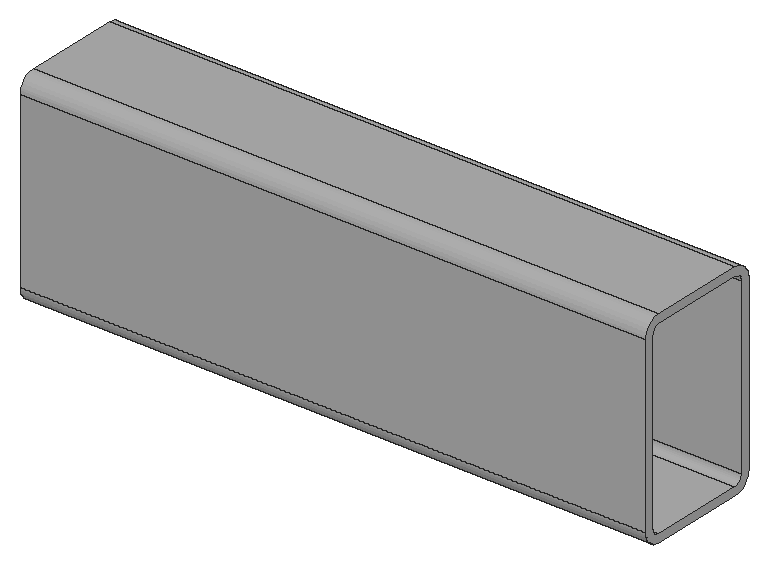
Revit family "Steel Framing Rectangular and Square Hollow Sections", category Structural Framing, Revit 2015
Parameters (values of type "RHSR400x250x16")
  W = 1.6233
  Structural Material [instance] = Steel
  Assembly Code = ""
  Angle [instance] = 0.00°
  Ht = 400 mm
  Length [instance] = 1500 mm
  Shape = "Rectangular"
  b = 250 mm
  tr = 2 * t  # 32 mm
  t = 16 mm
  A = 0.0211 m²
Reference planes
  plane 1 "Center (Front/Back)": y = 0
  plane 2: z = 0
  plane 3 "Center (Left/Right)": x = 4.61
  plane 4 "Member Left": x = -604.99
  plane 5 "Member Right": x = 614.21
  plane 6: y = 125
  plane 7: y = -125
  plane 8 "Top": z = 200
  plane 9: z = -200
  plane 10 "Left": x = -757.39
  plane 11 "Right": x = 742.61
Forms (mm)
  Sweep 1, solid, material "Steel" <- "Structural Material", detail levels fine
    path origin (0, 0, 0) x (1, 0, 0) y (0, 1, 0)
      loop
        line (614.21, 0) -> (-604.99, 0)
    profile "M_Hollow-Structural-Section-Profile-Fine : M_Hollow-Structural-Section-Profile-Fine" origin (4.61, 0, 0) x (0, -1, 0) y (0, 0, 1)
      loop
        arc (-93, 184) -> (-104.314, 179.314) -> (-109, 168) r 16
        line (-109, 168) -> (-109, -168)
        arc (-109, -168) -> (-104.314, -179.314) -> (-93, -184) r 16
        line (-93, -184) -> (93, -184)
        arc (93, -184) -> (104.314, -179.314) -> (109, -168) r 16
        line (109, -168) -> (109, 168)
        arc (109, 168) -> (104.314, 179.314) -> (93, 184) r 16
        line (93, 184) -> (-93, 184)
      loop
        arc (-125, -168) -> (-115.627, -190.627) -> (-93, -200) r 32
        line (-93, -200) -> (93, -200)
        arc (93, -200) -> (115.627, -190.627) -> (125, -168) r 32
        line (125, -168) -> (125, 168)
        arc (125, 168) -> (115.627, 190.627) -> (93, 200) r 32
        line (93, 200) -> (-93, 200)
        arc (-93, 200) -> (-115.627, 190.627) -> (-125, 168) r 32
        line (-125, 168) -> (-125, -168)
  Sweep 2, solid, material "Steel" <- "Structural Material", detail levels medium
    path origin (0, 0, 0) x (1, 0, 0) y (0, 1, 0)
      loop
        line (614.21, 0) -> (-604.99, 0)
    profile "M_Hollow-Structural-Section-Profile-Medium : M_Hollow-Structural-Section-Profile-Medium" origin (4.61, 0, 0) x (0, -1, 0) y (0, 0, 1)
      loop
        line (-109, 184) -> (-109, -184) -> (109, -184) -> (109, 184) -> (-109, 184)
      loop
        line (-125, -200) -> (125, -200) -> (125, 200) -> (-125, 200) -> (-125, -200)
Lines and regions (mm)
  symbolic lines, style "Hidden Faces", detail levels medium+fine
    curve 1: line (614.21, -109, 0) -> (-604.99, -109, 0)
    curve 2: line (614.21, 109, 0) -> (-604.99, 109, 0)
    curve 3: line (-604.99, 0, 184) -> (614.21, 0, 184)
    curve 4: line (-604.99, 0, -184) -> (614.21, 0, -184)
  reference lines
    curve 5: line (4.61, 0, 0) -> (4.61, 0, 10)
  symbolic lines, style "Stick Symbols", detail levels coarse
    curve 6: line (4.61, -125, 200) -> (4.61, -125, -200)
    curve 7: line (4.61, -125, -200) -> (4.61, 125, -200)
    curve 8: line (4.61, 125, -200) -> (4.61, 125, 200)
    curve 9: line (4.61, 125, 200) -> (4.61, -125, 200)
Dimensions and locks
  "b": plane 6 to plane 7
  "Ht": plane 9 to plane 8 "Top"
  equal spacing: plane 9, plane 2, plane 8 "Top"
  equal spacing: plane 6, plane 1 "Center (Front/Back)", plane 7
  "t": plane 6 to curve 2
  "t": curve 1 to plane 7
  "t": plane 8 "Top" to curve 3
  "t": curve 4 to plane 9
  "Length": plane 10 "Left" to plane 11 "Right"
  "Angle": angle plane 1 "Center (Front/Back)" to curve 5
  aligned and locked: Sweep 1 sketch curve to plane 1 "Center (Front/Back)"
  aligned and locked: Sweep 2 sketch curve to plane 1 "Center (Front/Back)"
  aligned and locked: curve 6 to Sweep 2
  aligned and locked: curve 7 to Sweep 2
  aligned and locked: curve 8 to Sweep 2
  aligned and locked: curve 9 to Sweep 2
  aligned and locked: plane 1 "Center (Front/Back)" to curve 5
  aligned and locked: plane 4 "Member Left" to Sweep 1 sketch curve
  aligned and locked: plane 5 "Member Right" to Sweep 1 sketch curve
  aligned and locked: plane 4 "Member Left" to Sweep 2 sketch curve
  aligned and locked: plane 5 "Member Right" to Sweep 2 sketch curve
  aligned and locked: plane 4 "Member Left" to curve 1
  aligned and locked: plane 5 "Member Right" to curve 1
  aligned and locked: plane 4 "Member Left" to curve 2
  aligned and locked: plane 5 "Member Right" to curve 2
  aligned and locked: plane 4 "Member Left" to curve 3
  aligned and locked: plane 5 "Member Right" to curve 3
  aligned and locked: plane 4 "Member Left" to curve 4
  aligned and locked: plane 5 "Member Right" to curve 4
Automatic sketch dimensions
  curve 5 to level = 0 mm
Types in the file's own list only (364): name | W | Ht | Shape | b | tr | t | A
  CFRR50x30x2 | 0.022653 | 50 mm | "Rectangular" | 30 mm | 4 mm | 2 mm | 0.00 m²
  CFRR50x30x2.5 | 0.027655 | 50 mm | "Rectangular" | 30 mm | 5 mm | 3 mm | 0.00 m²
  CFRR50x30x3 | 0.032362 | 50 mm | "Rectangular" | 30 mm | 6 mm | 3 mm | 0.00 m²
  CFRR50x30x4 | 0.041188 | 50 mm | "Rectangular" | 30 mm | 8 mm | 4 mm | 0.00 m²
  CFRR60x40x2 | 0.028733 | 60 mm | "Rectangular" | 40 mm | 4 mm | 2 mm | 0.00 m²
  CFRR60x40x2.5 | 0.035304 | 60 mm | "Rectangular" | 40 mm | 5 mm | 3 mm | 0.00 m²
  CFRR60x40x3 | 0.04158 | 60 mm | "Rectangular" | 40 mm | 6 mm | 3 mm | 0.00 m²
  CFRR60x40x4 | 0.053446 | 60 mm | "Rectangular" | 40 mm | 8 mm | 4 mm | 0.00 m²
  CFRR60x40x5 | 0.064332 | 60 mm | "Rectangular" | 40 mm | 10 mm | 5 mm | 0.00 m²
  CFRR70x50x2 | 0.034912 | 70 mm | "Rectangular" | 50 mm | 4 mm | 2 mm | 0.00 m²
  CFRR70x50x2.5 | 0.043051 | 70 mm | "Rectangular" | 50 mm | 5 mm | 3 mm | 0.00 m²
  CFRR70x50x3 | 0.050897 | 70 mm | "Rectangular" | 50 mm | 6 mm | 3 mm | 0.00 m²
  CFRR80x40x2.5 | 0.043051 | 80 mm | "Rectangular" | 40 mm | 5 mm | 3 mm | 0.00 m²
  CFRR80x40x3 | 0.050897 | 80 mm | "Rectangular" | 40 mm | 6 mm | 3 mm | 0.00 m²
  CFRR80x40x4 | 0.065803 | 80 mm | "Rectangular" | 40 mm | 8 mm | 4 mm | 0.00 m²
  CFRR80x40x5 | 0.080022 | 80 mm | "Rectangular" | 40 mm | 10 mm | 5 mm | 0.00 m²
  CFRR80x60x2 | 0.04109 | 80 mm | "Rectangular" | 60 mm | 4 mm | 2 mm | 0.00 m²
  CFRR80x60x2.5 | 0.0507 | 80 mm | "Rectangular" | 60 mm | 5 mm | 3 mm | 0.00 m²
  CFRR80x60x3 | 0.060115 | 80 mm | "Rectangular" | 60 mm | 6 mm | 3 mm | 0.00 m²
  CFRR80x60x4 | 0.078061 | 80 mm | "Rectangular" | 60 mm | 8 mm | 4 mm | 0.00 m²
  CFRR90x50x2.5 | 0.0507 | 90 mm | "Rectangular" | 50 mm | 5 mm | 3 mm | 0.00 m²
  CFRR90x50x3 | 0.060115 | 90 mm | "Rectangular" | 50 mm | 6 mm | 3 mm | 0.00 m²
  CFRR90x50x4 | 0.078061 | 90 mm | "Rectangular" | 50 mm | 8 mm | 4 mm | 0.00 m²
  CFRR90x50x5 | 0.095125 | 90 mm | "Rectangular" | 50 mm | 10 mm | 5 mm | 0.00 m²
  CFRR100x40x2.5 | 0.0507 | 100 mm | "Rectangular" | 40 mm | 5 mm | 3 mm | 0.00 m²
  CFRR100x40x4 | 0.078061 | 100 mm | "Rectangular" | 40 mm | 8 mm | 4 mm | 0.00 m²
  CFRR100x50x2.5 | 0.054525 | 100 mm | "Rectangular" | 50 mm | 5 mm | 3 mm | 0.00 m²
  CFRR100x50x3 | 0.064724 | 100 mm | "Rectangular" | 50 mm | 6 mm | 3 mm | 0.00 m²
  CFRR100x50x4 | 0.084239 | 100 mm | "Rectangular" | 50 mm | 8 mm | 4 mm | 0.00 m²
  CFRR100x50x5 | 0.102774 | 100 mm | "Rectangular" | 50 mm | 10 mm | 5 mm | 0.00 m²
  CFRR100x50x6.3 | 0.122681 | 100 mm | "Rectangular" | 50 mm | 13 mm | 6 mm | 0.00 m²
  CFRR100x60x2 | 0.047268 | 100 mm | "Rectangular" | 60 mm | 4 mm | 2 mm | 0.00 m²
  CFRR100x60x2.5 | 0.05835 | 100 mm | "Rectangular" | 60 mm | 5 mm | 3 mm | 0.00 m²
  CFRR100x60x3 | 0.069333 | 100 mm | "Rectangular" | 60 mm | 6 mm | 3 mm | 0.00 m²
  CFRR100x60x4 | 0.090417 | 100 mm | "Rectangular" | 60 mm | 8 mm | 4 mm | 0.00 m²
  CFRR100x60x5 | 0.110521 | 100 mm | "Rectangular" | 60 mm | 10 mm | 5 mm | 0.00 m²
  CFRR100x60x6.3 | 0.13239 | 100 mm | "Rectangular" | 60 mm | 13 mm | 6 mm | 0.00 m²
  CFRR100x80x3 | 0.078551 | 100 mm | "Rectangular" | 80 mm | 6 mm | 3 mm | 0.00 m²
  CFRR100x80x4 | 0.102676 | 100 mm | "Rectangular" | 80 mm | 8 mm | 4 mm | 0.00 m²
  CFRR100x80x5 | 0.125819 | 100 mm | "Rectangular" | 80 mm | 10 mm | 5 mm | 0.00 m²
  CFRR100x80x6 | 0.147982 | 100 mm | "Rectangular" | 80 mm | 12 mm | 6 mm | 0.00 m²
  CFRR120x60x3 | 0.078551 | 120 mm | "Rectangular" | 60 mm | 6 mm | 3 mm | 0.00 m²
  CFRR120x60x4 | 0.102676 | 120 mm | "Rectangular" | 60 mm | 8 mm | 4 mm | 0.00 m²
  CFRR120x60x5 | 0.125819 | 120 mm | "Rectangular" | 60 mm | 10 mm | 5 mm | 0.00 m²
  CFRR120x60x6.3 | 0.151807 | 120 mm | "Rectangular" | 60 mm | 13 mm | 6 mm | 0.00 m²
  CFRR120x80x3 | 0.08777 | 120 mm | "Rectangular" | 80 mm | 6 mm | 3 mm | 0.00 m²
  CFRR120x80x4 | 0.115032 | 120 mm | "Rectangular" | 80 mm | 8 mm | 4 mm | 0.00 m²
  CFRR120x80x5 | 0.141216 | 120 mm | "Rectangular" | 80 mm | 10 mm | 5 mm | 0.00 m²
  CFRR120x80x6 | 0.166419 | 120 mm | "Rectangular" | 80 mm | 12 mm | 6 mm | 0.00 m²
  CFRR120x80x6.3 | 0.171224 | 120 mm | "Rectangular" | 80 mm | 13 mm | 6 mm | 0.00 m²
  CFRR120x80x8 | 0.209568 | 120 mm | "Rectangular" | 80 mm | 16 mm | 8 mm | 0.00 m²
  CFRR140x70x4 | 0.12121 | 140 mm | "Rectangular" | 70 mm | 8 mm | 4 mm | 0.00 m²
  CFRR140x70x5 | 0.148963 | 140 mm | "Rectangular" | 70 mm | 10 mm | 5 mm | 0.00 m²
  CFRR140x80x3 | 0.096988 | 140 mm | "Rectangular" | 80 mm | 6 mm | 3 mm | 0.00 m²
  CFRR140x80x4 | 0.12729 | 140 mm | "Rectangular" | 80 mm | 8 mm | 4 mm | 0.00 m²
  CFRR140x80x5 | 0.156612 | 140 mm | "Rectangular" | 80 mm | 10 mm | 5 mm | 0.00 m²
  CFRR140x80x6 | 0.184855 | 140 mm | "Rectangular" | 80 mm | 12 mm | 6 mm | 0.00 m²
  CFRR140x80x6.3 | 0.190543 | 140 mm | "Rectangular" | 80 mm | 13 mm | 6 mm | 0.00 m²
  CFRR150x100x3 | 0.110815 | 150 mm | "Rectangular" | 100 mm | 6 mm | 3 mm | 0.00 m²
  CFRR150x100x4 | 0.145825 | 150 mm | "Rectangular" | 100 mm | 8 mm | 4 mm | 0.00 m²
  CFRR150x100x5 | 0.179756 | 150 mm | "Rectangular" | 100 mm | 10 mm | 5 mm | 0.00 m²
  CFRR150x100x6 | 0.212608 | 150 mm | "Rectangular" | 100 mm | 12 mm | 6 mm | 0.00 m²
  CFRR150x100x6.3 | 0.219669 | 150 mm | "Rectangular" | 100 mm | 13 mm | 6 mm | 0.00 m²
  CFRR150x100x8 | 0.271154 | 150 mm | "Rectangular" | 100 mm | 16 mm | 8 mm | 0.00 m²
  CFRR150x100x10 | 0.327542 | 150 mm | "Rectangular" | 100 mm | 20 mm | 10 mm | 0.00 m²
  CFRR160x80x4 | 0.139647 | 160 mm | "Rectangular" | 80 mm | 8 mm | 4 mm | 0.00 m²
  CFRR160x80x5 | 0.172009 | 160 mm | "Rectangular" | 80 mm | 10 mm | 5 mm | 0.00 m²
  CFRR160x80x6 | 0.203292 | 160 mm | "Rectangular" | 80 mm | 12 mm | 6 mm | 0.00 m²
  CFRR160x80x6.3 | 0.20996 | 160 mm | "Rectangular" | 80 mm | 13 mm | 6 mm | 0.00 m²
  CFRR160x80x8 | 0.258797 | 160 mm | "Rectangular" | 80 mm | 16 mm | 8 mm | 0.00 m²
  CFRR160x90x7.1 | 0.244284 | 160 mm | "Rectangular" | 90 mm | 14 mm | 7 mm | 0.00 m²
  CFRR180x100x5 | 0.202802 | 180 mm | "Rectangular" | 100 mm | 10 mm | 5 mm | 0.00 m²
  CFRR180x100x6 | 0.240263 | 180 mm | "Rectangular" | 100 mm | 12 mm | 6 mm | 0.00 m²
  CFRR180x100x6.3 | 0.248697 | 180 mm | "Rectangular" | 100 mm | 13 mm | 6 mm | 0.00 m²
  CFRR180x100x7.1 | 0.277038 | 180 mm | "Rectangular" | 100 mm | 14 mm | 7 mm | 0.00 m²
  CFRR180x100x8 | 0.308027 | 180 mm | "Rectangular" | 100 mm | 16 mm | 8 mm | 0.00 m²
  CFRR180x100x10 | 0.373633 | 180 mm | "Rectangular" | 100 mm | 20 mm | 10 mm | 0.00 m²
  CFRR200x80x6 | 0.240263 | 200 mm | "Rectangular" | 80 mm | 12 mm | 6 mm | 0.00 m²
  CFRR200x100x5 | 0.218198 | 200 mm | "Rectangular" | 100 mm | 10 mm | 5 mm | 0.00 m²
  CFRR200x100x6 | 0.258699 | 200 mm | "Rectangular" | 100 mm | 12 mm | 6 mm | 0.00 m²
  CFRR200x100x6.3 | 0.268114 | 200 mm | "Rectangular" | 100 mm | 13 mm | 6 mm | 0.00 m²
  CFRR200x100x8 | 0.332642 | 200 mm | "Rectangular" | 100 mm | 16 mm | 8 mm | 0.00 m²
  CFRR200x100x10 | 0.404426 | 200 mm | "Rectangular" | 100 mm | 20 mm | 10 mm | 0.01 m²
  CFRR200x120x5 | 0.233594 | 200 mm | "Rectangular" | 120 mm | 10 mm | 5 mm | 0.00 m²
  CFRR200x120x6 | 0.277234 | 200 mm | "Rectangular" | 120 mm | 12 mm | 6 mm | 0.00 m²
  CFRR200x120x6.3 | 0.287531 | 200 mm | "Rectangular" | 120 mm | 13 mm | 6 mm | 0.00 m²
  CFRR200x120x8 | 0.357256 | 200 mm | "Rectangular" | 120 mm | 16 mm | 8 mm | 0.00 m²
  CFRR200x120x10 | 0.435219 | 200 mm | "Rectangular" | 120 mm | 20 mm | 10 mm | 0.01 m²
  CFRR220x120x6 | 0.29567 | 220 mm | "Rectangular" | 120 mm | 12 mm | 6 mm | 0.00 m²
  CFRR220x120x8 | 0.381871 | 220 mm | "Rectangular" | 120 mm | 16 mm | 8 mm | 0.00 m²
  CFRR220x120x10 | 0.466012 | 220 mm | "Rectangular" | 120 mm | 20 mm | 10 mm | 0.01 m²
  CFRR250x150x5 | 0.295082 | 250 mm | "Rectangular" | 150 mm | 10 mm | 5 mm | 0.00 m²
  CFRR250x150x6 | 0.351078 | 250 mm | "Rectangular" | 150 mm | 12 mm | 6 mm | 0.00 m²
  CFRR250x150x6.3 | 0.365004 | 250 mm | "Rectangular" | 150 mm | 13 mm | 6 mm | 0.00 m²
  CFRR250x150x8 | 0.455715 | 250 mm | "Rectangular" | 150 mm | 16 mm | 8 mm | 0.01 m²
  CFRR250x150x10 | 0.558293 | 250 mm | "Rectangular" | 150 mm | 20 mm | 10 mm | 0.01 m²
  CFRR250x150x12.5 | 0.669598 | 250 mm | "Rectangular" | 150 mm | 25 mm | 13 mm | 0.01 m²
  CFRR260x140x6 | 0.351078 | 260 mm | "Rectangular" | 140 mm | 12 mm | 6 mm | 0.00 m²
  CFRR260x140x8 | 0.455715 | 260 mm | "Rectangular" | 140 mm | 16 mm | 8 mm | 0.01 m²
  CFRR260x140x10 | 0.558293 | 260 mm | "Rectangular" | 140 mm | 20 mm | 10 mm | 0.01 m²
  CFRR260x180x6 | 0.387951 | 260 mm | "Rectangular" | 180 mm | 12 mm | 6 mm | 0.01 m²
  CFRR260x180x8 | 0.504944 | 260 mm | "Rectangular" | 180 mm | 16 mm | 8 mm | 0.01 m²
  CFRR260x180x10 | 0.619878 | 260 mm | "Rectangular" | 180 mm | 20 mm | 10 mm | 0.01 m²
  CFRR300x100x5 | 0.295082 | 300 mm | "Rectangular" | 100 mm | 10 mm | 5 mm | 0.00 m²
  CFRR300x100x6 | 0.351078 | 300 mm | "Rectangular" | 100 mm | 12 mm | 6 mm | 0.00 m²
  CFRR300x100x8 | 0.455715 | 300 mm | "Rectangular" | 100 mm | 16 mm | 8 mm | 0.01 m²
  CFRR300x200x6 | 0.443359 | 300 mm | "Rectangular" | 200 mm | 12 mm | 6 mm | 0.01 m²
  CFRR300x200x6.3 | 0.461991 | 300 mm | "Rectangular" | 200 mm | 13 mm | 6 mm | 0.01 m²
  CFRR300x200x8 | 0.578887 | 300 mm | "Rectangular" | 200 mm | 16 mm | 8 mm | 0.01 m²
  CFRR300x200x10 | 0.712159 | 300 mm | "Rectangular" | 200 mm | 20 mm | 10 mm | 0.01 m²
  CFRR300x200x12.5 | 0.862005 | 300 mm | "Rectangular" | 200 mm | 25 mm | 13 mm | 0.01 m²
  CFRR400x200x6 | 0.535639 | 400 mm | "Rectangular" | 200 mm | 12 mm | 6 mm | 0.01 m²
  CFRR400x200x6.3 | 0.558881 | 400 mm | "Rectangular" | 200 mm | 13 mm | 6 mm | 0.01 m²
  CFRR400x200x8 | 0.70196 | 400 mm | "Rectangular" | 200 mm | 16 mm | 8 mm | 0.01 m²
  CFRR400x200x10 | 0.866025 | 400 mm | "Rectangular" | 200 mm | 20 mm | 10 mm | 0.01 m²
  CFRR400x200x12.5 | 1.054313 | 400 mm | "Rectangular" | 200 mm | 25 mm | 13 mm | 0.01 m²
  CFRS30x30x3 | 0.023144 | 30 mm | "Square" | 30 mm | 6 mm | 3 mm | 0.00 m²
  CFRS40x40x2 | 0.022653 | 40 mm | "Square" | 40 mm | 4 mm | 2 mm | 0.00 m²
  CFRS40x40x2.5 | 0.027655 | 40 mm | "Square" | 40 mm | 5 mm | 3 mm | 0.00 m²
  CFRS40x40x3 | 0.032362 | 40 mm | "Square" | 40 mm | 6 mm | 3 mm | 0.00 m²
  CFRS40x40x4 | 0.041188 | 40 mm | "Square" | 40 mm | 8 mm | 4 mm | 0.00 m²
  CFRS50x50x2 | 0.028733 | 50 mm | "Square" | 50 mm | 4 mm | 2 mm | 0.00 m²
  CFRS50x50x2.5 | 0.035304 | 50 mm | "Square" | 50 mm | 5 mm | 3 mm | 0.00 m²
  CFRS50x50x3 | 0.04158 | 50 mm | "Square" | 50 mm | 6 mm | 3 mm | 0.00 m²
  CFRS50x50x4 | 0.053446 | 50 mm | "Square" | 50 mm | 8 mm | 4 mm | 0.00 m²
  CFRS50x50x5 | 0.064332 | 50 mm | "Square" | 50 mm | 10 mm | 5 mm | 0.00 m²
  CFRS60x60x2.5 | 0.043051 | 60 mm | "Square" | 60 mm | 5 mm | 3 mm | 0.00 m²
  CFRS60x60x3 | 0.050897 | 60 mm | "Square" | 60 mm | 6 mm | 3 mm | 0.00 m²
  CFRS60x60x4 | 0.065803 | 60 mm | "Square" | 60 mm | 8 mm | 4 mm | 0.00 m²
  CFRS60x60x5 | 0.079728 | 60 mm | "Square" | 60 mm | 10 mm | 5 mm | 0.00 m²
  CFRS70x70x2 | 0.04109 | 70 mm | "Square" | 70 mm | 4 mm | 2 mm | 0.00 m²
  CFRS70x70x2.5 | 0.0507 | 70 mm | "Square" | 70 mm | 5 mm | 3 mm | 0.00 m²
  CFRS70x70x3 | 0.060115 | 70 mm | "Square" | 70 mm | 6 mm | 3 mm | 0.00 m²
  CFRS70x70x4 | 0.078061 | 70 mm | "Square" | 70 mm | 8 mm | 4 mm | 0.00 m²
  CFRS70x70x5 | 0.095125 | 70 mm | "Square" | 70 mm | 10 mm | 5 mm | 0.00 m²
  CFRS80x80x2.5 | 0.05835 | 80 mm | "Square" | 80 mm | 5 mm | 3 mm | 0.00 m²
  CFRS80x80x3 | 0.069333 | 80 mm | "Square" | 80 mm | 6 mm | 3 mm | 0.00 m²
  CFRS80x80x4 | 0.090417 | 80 mm | "Square" | 80 mm | 8 mm | 4 mm | 0.00 m²
  CFRS80x80x5 | 0.110521 | 80 mm | "Square" | 80 mm | 10 mm | 5 mm | 0.00 m²
  CFRS80x80x6.3 | 0.13239 | 80 mm | "Square" | 80 mm | 13 mm | 6 mm | 0.00 m²
  CFRS90x90x2.5 | 0.066097 | 90 mm | "Square" | 90 mm | 5 mm | 3 mm | 0.00 m²
  CFRS90x90x3 | 0.078551 | 90 mm | "Square" | 90 mm | 6 mm | 3 mm | 0.00 m²
  CFRS90x90x4 | 0.102676 | 90 mm | "Square" | 90 mm | 8 mm | 4 mm | 0.00 m²
  CFRS90x90x5 | 0.125819 | 90 mm | "Square" | 90 mm | 10 mm | 5 mm | 0.00 m²
  CFRS90x90x6 | 0.147982 | 90 mm | "Square" | 90 mm | 12 mm | 6 mm | 0.00 m²
  CFRS90x90x6.3 | 0.151807 | 90 mm | "Square" | 90 mm | 13 mm | 6 mm | 0.00 m²
  CFRS100x100x2.5 | 0.073746 | 100 mm | "Square" | 100 mm | 5 mm | 3 mm | 0.00 m²
  CFRS100x100x3 | 0.08777 | 100 mm | "Square" | 100 mm | 6 mm | 3 mm | 0.00 m²
  CFRS100x100x4 | 0.115032 | 100 mm | "Square" | 100 mm | 8 mm | 4 mm | 0.00 m²
  CFRS100x100x5 | 0.141216 | 100 mm | "Square" | 100 mm | 10 mm | 5 mm | 0.00 m²
  CFRS100x100x6 | 0.166419 | 100 mm | "Square" | 100 mm | 12 mm | 6 mm | 0.00 m²
  CFRS100x100x6.3 | 0.171224 | 100 mm | "Square" | 100 mm | 13 mm | 6 mm | 0.00 m²
  CFRS100x100x8 | 0.209568 | 100 mm | "Square" | 100 mm | 16 mm | 8 mm | 0.00 m²
  CFRS100x100x10 | 0.25056 | 100 mm | "Square" | 100 mm | 20 mm | 10 mm | 0.00 m²
  CFRS110x110x3 | 0.096988 | 110 mm | "Square" | 110 mm | 6 mm | 3 mm | 0.00 m²
  CFRS110x110x4 | 0.12729 | 110 mm | "Square" | 110 mm | 8 mm | 4 mm | 0.00 m²
  CFRS110x110x5 | 0.156612 | 110 mm | "Square" | 110 mm | 10 mm | 5 mm | 0.00 m²
  CFRS110x110x6 | 0.184855 | 110 mm | "Square" | 110 mm | 12 mm | 6 mm | 0.00 m²
  CFRS120x120x3 | 0.106206 | 120 mm | "Square" | 120 mm | 6 mm | 3 mm | 0.00 m²
  CFRS120x120x4 | 0.139647 | 120 mm | "Square" | 120 mm | 8 mm | 4 mm | 0.00 m²
  CFRS120x120x5 | 0.190935 | 120 mm | "Square" | 120 mm | 10 mm | 5 mm | 0.00 m²
  CFRS120x120x5.6 | 0.203292 | 120 mm | "Square" | 120 mm | 11 mm | 6 mm | 0.00 m²
  CFRS120x120x6 | 0.20996 | 120 mm | "Square" | 120 mm | 12 mm | 6 mm | 0.00 m²
  CFRS120x120x6.3 | 0.20996 | 120 mm | "Square" | 120 mm | 13 mm | 6 mm | 0.00 m²
  CFRS120x120x8 | 0.258797 | 120 mm | "Square" | 120 mm | 16 mm | 8 mm | 0.00 m²
  CFRS120x120x10 | 0.312146 | 120 mm | "Square" | 120 mm | 20 mm | 10 mm | 0.00 m²
  CFRS140x140x4 | 0.164261 | 140 mm | "Square" | 140 mm | 8 mm | 4 mm | 0.00 m²
  CFRS140x140x5 | 0.202802 | 140 mm | "Square" | 140 mm | 10 mm | 5 mm | 0.00 m²
  CFRS140x140x5.6 | 0.225455 | 140 mm | "Square" | 140 mm | 11 mm | 6 mm | 0.00 m²
  CFRS140x140x6 | 0.240263 | 140 mm | "Square" | 140 mm | 12 mm | 6 mm | 0.00 m²
  CFRS140x140x6.3 | 0.248697 | 140 mm | "Square" | 140 mm | 13 mm | 6 mm | 0.00 m²
  CFRS140x140x7.1 | 0.277038 | 140 mm | "Square" | 140 mm | 14 mm | 7 mm | 0.00 m²
  CFRS140x140x8 | 0.308027 | 140 mm | "Square" | 140 mm | 16 mm | 8 mm | 0.00 m²
  CFRS140x140x8.8 | 0.334799 | 140 mm | "Square" | 140 mm | 18 mm | 9 mm | 0.00 m²
  CFRS140x140x10 | 0.373633 | 140 mm | "Square" | 140 mm | 20 mm | 10 mm | 0.00 m²
  CFRS150x150x4 | 0.17652 | 150 mm | "Square" | 150 mm | 8 mm | 4 mm | 0.00 m²
  CFRS150x150x5 | 0.218198 | 150 mm | "Square" | 150 mm | 10 mm | 5 mm | 0.00 m²
  CFRS150x150x6 | 0.258699 | 150 mm | "Square" | 150 mm | 12 mm | 6 mm | 0.00 m²
  CFRS150x150x6.3 | 0.268114 | 150 mm | "Square" | 150 mm | 13 mm | 6 mm | 0.00 m²
  CFRS150x150x8 | 0.332642 | 150 mm | "Square" | 150 mm | 16 mm | 8 mm | 0.00 m²
  CFRS150x150x10 | 0.404426 | 150 mm | "Square" | 150 mm | 20 mm | 10 mm | 0.01 m²
  CFRS160x160x5 | 0.233594 | 160 mm | "Square" | 160 mm | 10 mm | 5 mm | 0.00 m²
  CFRS160x160x6 | 0.277234 | 160 mm | "Square" | 160 mm | 12 mm | 6 mm | 0.00 m²
  CFRS160x160x6.3 | 0.287531 | 160 mm | "Square" | 160 mm | 13 mm | 6 mm | 0.00 m²
  CFRS160x160x8 | 0.357256 | 160 mm | "Square" | 160 mm | 16 mm | 8 mm | 0.00 m²
  CFRS160x160x10 | 0.435219 | 160 mm | "Square" | 160 mm | 20 mm | 10 mm | 0.01 m²
  CFRS160x160x12.5 | 0.515732 | 160 mm | "Square" | 160 mm | 25 mm | 13 mm | 0.01 m²
  CFRS180x180x5 | 0.264387 | 180 mm | "Square" | 180 mm | 10 mm | 5 mm | 0.00 m²
  CFRS180x180x6 | 0.314107 | 180 mm | "Square" | 180 mm | 12 mm | 6 mm | 0.00 m²
  CFRS180x180x6.3 | 0.326267 | 180 mm | "Square" | 180 mm | 13 mm | 6 mm | 0.00 m²
  CFRS180x180x8 | 0.406486 | 180 mm | "Square" | 180 mm | 16 mm | 8 mm | 0.01 m²
  CFRS180x180x10 | 0.496805 | 180 mm | "Square" | 180 mm | 20 mm | 10 mm | 0.01 m²
  CFRS180x180x12.5 | 0.592714 | 180 mm | "Square" | 180 mm | 25 mm | 13 mm | 0.01 m²
  CFRS200x200x5 | 0.295082 | 200 mm | "Square" | 200 mm | 10 mm | 5 mm | 0.00 m²
  CFRS200x200x6 | 0.351078 | 200 mm | "Square" | 200 mm | 12 mm | 6 mm | 0.00 m²
  CFRS200x200x6.3 | 0.365004 | 200 mm | "Square" | 200 mm | 13 mm | 6 mm | 0.00 m²
  CFRS200x200x8 | 0.455715 | 200 mm | "Square" | 200 mm | 16 mm | 8 mm | 0.01 m²
  CFRS200x200x10 | 0.558293 | 200 mm | "Square" | 200 mm | 20 mm | 10 mm | 0.01 m²
  CFRS200x200x12.5 | 0.669598 | 200 mm | "Square" | 200 mm | 25 mm | 13 mm | 0.01 m²
  CFRS220x220x6 | 0.387951 | 220 mm | "Square" | 220 mm | 12 mm | 6 mm | 0.01 m²
  CFRS220x220x6.3 | 0.403838 | 220 mm | "Square" | 220 mm | 13 mm | 6 mm | 0.01 m²
  CFRS220x220x8 | 0.504944 | 220 mm | "Square" | 220 mm | 16 mm | 8 mm | 0.01 m²
  CFRS220x220x10 | 0.619878 | 220 mm | "Square" | 220 mm | 20 mm | 10 mm | 0.01 m²
  CFRS250x250x6 | 0.443359 | 250 mm | "Square" | 250 mm | 12 mm | 6 mm | 0.01 m²
  CFRS250x250x6.3 | 0.461991 | 250 mm | "Square" | 250 mm | 13 mm | 6 mm | 0.01 m²
  CFRS250x250x8 | 0.578887 | 250 mm | "Square" | 250 mm | 16 mm | 8 mm | 0.01 m²
  CFRS250x250x10 | 0.712159 | 250 mm | "Square" | 250 mm | 20 mm | 10 mm | 0.01 m²
  CFRS250x250x12.5 | 0.862005 | 250 mm | "Square" | 250 mm | 25 mm | 13 mm | 0.01 m²
  CFRS260x260x7.1 | 0.539268 | 260 mm | "Square" | 260 mm | 14 mm | 7 mm | 0.01 m²
  CFRS260x260x8.8 | 0.659791 | 260 mm | "Square" | 260 mm | 18 mm | 9 mm | 0.01 m²
  CFRS260x260x11 | 0.802969 | 260 mm | "Square" | 260 mm | 22 mm | 11 mm | 0.01 m²
  CFRS300x300x6 | 0.535639 | 300 mm | "Square" | 300 mm | 12 mm | 6 mm | 0.01 m²
  CFRS300x300x8 | 0.70196 | 300 mm | "Square" | 300 mm | 16 mm | 8 mm | 0.01 m²
  CFRS300x300x10 | 0.866025 | 300 mm | "Square" | 300 mm | 20 mm | 10 mm | 0.01 m²
  CFRS300x300x12.5 | 1.054313 | 300 mm | "Square" | 300 mm | 25 mm | 13 mm | 0.01 m²
  RHSR50x30x2.5 | 0.028341 | 50 mm | "Rectangular" | 30 mm | 5 mm | 3 mm | 0.00 m²
  RHSR50x30x3 | 0.033343 | 50 mm | "Rectangular" | 30 mm | 6 mm | 3 mm | 0.00 m²
  RHSR50x30x4 | 0.043051 | 50 mm | "Rectangular" | 30 mm | 8 mm | 4 mm | 0.00 m²
  RHSR60x40x3 | 0.042659 | 60 mm | "Rectangular" | 40 mm | 6 mm | 3 mm | 0.00 m²
  RHSR60x40x4 | 0.05531 | 60 mm | "Rectangular" | 40 mm | 8 mm | 4 mm | 0.00 m²
  RHSR70x40x4 | 0.061488 | 70 mm | "Rectangular" | 40 mm | 8 mm | 4 mm | 0.00 m²
  RHSR80x40x3 | 0.051877 | 80 mm | "Rectangular" | 40 mm | 6 mm | 3 mm | 0.00 m²
  RHSR80x40x4 | 0.067666 | 80 mm | "Rectangular" | 40 mm | 8 mm | 4 mm | 0.00 m²
  RHSR80x40x5 | 0.082278 | 80 mm | "Rectangular" | 40 mm | 10 mm | 5 mm | 0.00 m²
  RHSR90x50x3.6 | 0.072471 | 90 mm | "Rectangular" | 50 mm | 7 mm | 4 mm | 0.00 m²
  RHSR90x50x4 | 0.080022 | 90 mm | "Rectangular" | 50 mm | 8 mm | 4 mm | 0.00 m²
  RHSR90x50x5 | 0.097674 | 90 mm | "Rectangular" | 50 mm | 10 mm | 5 mm | 0.00 m²
  RHSR100x50x3 | 0.065705 | 100 mm | "Rectangular" | 50 mm | 6 mm | 3 mm | 0.00 m²
  RHSR100x50x3.6 | 0.077669 | 100 mm | "Rectangular" | 50 mm | 7 mm | 4 mm | 0.00 m²
  RHSR100x50x4 | 0.0862 | 100 mm | "Rectangular" | 50 mm | 8 mm | 4 mm | 0.00 m²
  RHSR100x50x5 | 0.105421 | 100 mm | "Rectangular" | 50 mm | 10 mm | 5 mm | 0.00 m²
  RHSR100x50x5.6 | 0.116895 | 100 mm | "Rectangular" | 50 mm | 11 mm | 6 mm | 0.00 m²
  RHSR100x50x6.3 | 0.130036 | 100 mm | "Rectangular" | 50 mm | 13 mm | 6 mm | 0.00 m²
  RHSR100x50x8 | 0.160045 | 100 mm | "Rectangular" | 50 mm | 16 mm | 8 mm | 0.00 m²
  RHSR100x60x3.6 | 0.083847 | 100 mm | "Rectangular" | 60 mm | 7 mm | 4 mm | 0.00 m²
  RHSR100x60x4 | 0.092281 | 100 mm | "Rectangular" | 60 mm | 8 mm | 4 mm | 0.00 m²
  RHSR100x60x5 | 0.113071 | 100 mm | "Rectangular" | 60 mm | 10 mm | 5 mm | 0.00 m²
  RHSR100x60x5.6 | 0.125427 | 100 mm | "Rectangular" | 60 mm | 11 mm | 6 mm | 0.00 m²
  RHSR100x60x6.3 | 0.139254 | 100 mm | "Rectangular" | 60 mm | 13 mm | 6 mm | 0.00 m²
  RHSR120x60x3.6 | 0.094634 | 120 mm | "Rectangular" | 60 mm | 7 mm | 4 mm | 0.00 m²
  RHSR120x60x4 | 0.104637 | 120 mm | "Rectangular" | 60 mm | 8 mm | 4 mm | 0.00 m²
  RHSR120x60x5 | 0.128467 | 120 mm | "Rectangular" | 60 mm | 10 mm | 5 mm | 0.00 m²
  RHSR120x60x6.3 | 0.15926 | 120 mm | "Rectangular" | 60 mm | 13 mm | 6 mm | 0.00 m²
  RHSR120x80x4 | 0.116895 | 120 mm | "Rectangular" | 80 mm | 8 mm | 4 mm | 0.00 m²
  RHSR120x80x5 | 0.143864 | 120 mm | "Rectangular" | 80 mm | 10 mm | 5 mm | 0.00 m²
  RHSR120x80x6.3 | 0.178481 | 120 mm | "Rectangular" | 80 mm | 13 mm | 6 mm | 0.00 m²
  RHSR120x80x8 | 0.221532 | 120 mm | "Rectangular" | 80 mm | 16 mm | 8 mm | 0.00 m²
  RHSR140x70x4 | 0.123073 | 140 mm | "Rectangular" | 70 mm | 8 mm | 4 mm | 0.00 m²
  RHSR140x70x5 | 0.151513 | 140 mm | "Rectangular" | 70 mm | 10 mm | 5 mm | 0.00 m²
  RHSR140x70x6.3 | 0.187699 | 140 mm | "Rectangular" | 70 mm | 13 mm | 6 mm | 0.00 m²
  RHSR140x80x4 | 0.129252 | 140 mm | "Rectangular" | 80 mm | 8 mm | 4 mm | 0.00 m²
  RHSR140x80x6.3 | 0.197702 | 140 mm | "Rectangular" | 80 mm | 13 mm | 6 mm | 0.00 m²
  RHSR150x100x4 | 0.147688 | 150 mm | "Rectangular" | 100 mm | 8 mm | 4 mm | 0.00 m²
  RHSR150x100x5 | 0.182306 | 150 mm | "Rectangular" | 100 mm | 10 mm | 5 mm | 0.00 m²
  RHSR150x100x6.3 | 0.226926 | 150 mm | "Rectangular" | 100 mm | 13 mm | 6 mm | 0.00 m²
  RHSR150x100x8 | 0.283118 | 150 mm | "Rectangular" | 100 mm | 16 mm | 8 mm | 0.00 m²
  RHSR150x100x10 | 0.34539 | 150 mm | "Rectangular" | 100 mm | 20 mm | 10 mm | 0.00 m²
  RHSR160x80x4 | 0.14151 | 160 mm | "Rectangular" | 80 mm | 8 mm | 4 mm | 0.00 m²
  RHSR160x80x5 | 0.174656 | 160 mm | "Rectangular" | 80 mm | 10 mm | 5 mm | 0.00 m²
  RHSR160x80x6.3 | 0.270762 | 160 mm | "Rectangular" | 80 mm | 13 mm | 6 mm | 0.00 m²
  RHSR160x80x8 | 0.330092 | 160 mm | "Rectangular" | 80 mm | 16 mm | 8 mm | 0.00 m²
  RHSR160x80x10 | 0.182306 | 160 mm | "Rectangular" | 80 mm | 20 mm | 10 mm | 0.00 m²
  RHSR160x90x5 | 0.182306 | 160 mm | "Rectangular" | 90 mm | 10 mm | 5 mm | 0.00 m²
  RHSR160x90x7.1 | 0.25311 | 160 mm | "Rectangular" | 90 mm | 14 mm | 7 mm | 0.00 m²
  RHSR160x90x8 | 0.283118 | 160 mm | "Rectangular" | 90 mm | 16 mm | 8 mm | 0.00 m²
  RHSR180x100x5.6 | 0.229279 | 180 mm | "Rectangular" | 100 mm | 11 mm | 6 mm | 0.00 m²
  RHSR180x100x6.3 | 0.25615 | 180 mm | "Rectangular" | 100 mm | 13 mm | 6 mm | 0.00 m²
  RHSR180x100x7.1 | 0.286158 | 180 mm | "Rectangular" | 100 mm | 14 mm | 7 mm | 0.00 m²
  RHSR180x100x8 | 0.320089 | 180 mm | "Rectangular" | 100 mm | 16 mm | 8 mm | 0.00 m²
  RHSR180x100x10 | 0.39158 | 180 mm | "Rectangular" | 100 mm | 20 mm | 10 mm | 0.01 m²
  RHSR200x100x5 | 0.220846 | 200 mm | "Rectangular" | 100 mm | 10 mm | 5 mm | 0.00 m²
  RHSR200x100x6.3 | 0.275469 | 200 mm | "Rectangular" | 100 mm | 13 mm | 6 mm | 0.00 m²
  RHSR200x100x8 | 0.344704 | 200 mm | "Rectangular" | 100 mm | 16 mm | 8 mm | 0.00 m²
  RHSR200x100x10 | 0.422372 | 200 mm | "Rectangular" | 100 mm | 20 mm | 10 mm | 0.01 m²
  RHSR200x100x12.5 | 0.516222 | 200 mm | "Rectangular" | 100 mm | 25 mm | 13 mm | 0.01 m²
  RHSR200x120x6.3 | 0.29469 | 200 mm | "Rectangular" | 120 mm | 13 mm | 6 mm | 0.00 m²
  RHSR200x120x8 | 0.369318 | 200 mm | "Rectangular" | 120 mm | 16 mm | 8 mm | 0.00 m²
  RHSR200x120x10 | 0.453165 | 200 mm | "Rectangular" | 120 mm | 20 mm | 10 mm | 0.01 m²
  RHSR220x120x6.3 | 0.313911 | 220 mm | "Rectangular" | 120 mm | 13 mm | 6 mm | 0.00 m²
  RHSR220x120x8 | 0.393933 | 220 mm | "Rectangular" | 120 mm | 16 mm | 8 mm | 0.01 m²
  RHSR220x120x10 | 0.483958 | 220 mm | "Rectangular" | 120 mm | 20 mm | 10 mm | 0.01 m²
  RHSR250x150x6.3 | 0.372359 | 250 mm | "Rectangular" | 150 mm | 13 mm | 6 mm | 0.00 m²
  RHSR250x150x8 | 0.467777 | 250 mm | "Rectangular" | 150 mm | 16 mm | 8 mm | 0.01 m²
  RHSR250x150x10 | 0.576239 | 250 mm | "Rectangular" | 150 mm | 20 mm | 10 mm | 0.01 m²
  RHSR250x150x12.5 | 0.70853 | 250 mm | "Rectangular" | 150 mm | 25 mm | 13 mm | 0.01 m²
  RHSR260x140x6.3 | 0.372359 | 260 mm | "Rectangular" | 140 mm | 13 mm | 6 mm | 0.00 m²
  RHSR260x140x8 | 0.467777 | 260 mm | "Rectangular" | 140 mm | 16 mm | 8 mm | 0.01 m²
  RHSR300x200x6.3 | 0.469248 | 300 mm | "Rectangular" | 200 mm | 13 mm | 6 mm | 0.01 m²
  RHSR300x200x8 | 0.590851 | 300 mm | "Rectangular" | 200 mm | 16 mm | 8 mm | 0.01 m²
  RHSR300x200x10 | 0.730105 | 300 mm | "Rectangular" | 200 mm | 20 mm | 10 mm | 0.01 m²
  RHSR300x200x12.5 | 0.900152 | 300 mm | "Rectangular" | 200 mm | 25 mm | 13 mm | 0.01 m²
  RHSR400x200x10 | 0.884756 | 400 mm | "Rectangular" | 200 mm | 20 mm | 10 mm | 0.01 m²
  RHSR400x200x12.5 | 1.092461 | 400 mm | "Rectangular" | 200 mm | 25 mm | 13 mm | 0.01 m²
  RHSR400x200x16 | 1.377148 | 400 mm | "Rectangular" | 200 mm | 32 mm | 16 mm | 0.02 m²
  RHSR400x250x10 | 1.038622 | 400 mm | "Rectangular" | 250 mm | 20 mm | 10 mm | 0.01 m²
  RHSR400x250x12.5 | 1.284769 | 400 mm | "Rectangular" | 250 mm | 25 mm | 13 mm | 0.02 m²
  RHSS40x40x2.5 | 0.028341 | 40 mm | "Square" | 40 mm | 5 mm | 3 mm | 0.00 m²
  RHSS40x40x3 | 0.033441 | 40 mm | "Square" | 40 mm | 6 mm | 3 mm | 0.00 m²
  RHSS40x40x4 | 0.043051 | 40 mm | "Square" | 40 mm | 8 mm | 4 mm | 0.00 m²
  RHSS50x50x3 | 0.042659 | 50 mm | "Square" | 50 mm | 6 mm | 3 mm | 0.00 m²
  RHSS50x50x4 | 0.05531 | 50 mm | "Square" | 50 mm | 8 mm | 4 mm | 0.00 m²
  RHSS50x50x5 | 0.067176 | 50 mm | "Square" | 50 mm | 10 mm | 5 mm | 0.00 m²
  RHSS60x60x3 | 0.051877 | 60 mm | "Square" | 60 mm | 6 mm | 3 mm | 0.00 m²
  RHSS60x60x4 | 0.067666 | 60 mm | "Square" | 60 mm | 8 mm | 4 mm | 0.00 m²
  RHSS60x60x5 | 0.082572 | 60 mm | "Square" | 60 mm | 10 mm | 5 mm | 0.00 m²
  RHSS70x70x3 | 0.061193 | 70 mm | "Square" | 70 mm | 6 mm | 3 mm | 0.00 m²
  RHSS70x70x3.6 | 0.072569 | 70 mm | "Square" | 70 mm | 7 mm | 4 mm | 0.00 m²
  RHSS70x70x4 | 0.079924 | 70 mm | "Square" | 70 mm | 8 mm | 4 mm | 0.00 m²
  RHSS70x70x5 | 0.097968 | 70 mm | "Square" | 70 mm | 10 mm | 5 mm | 0.00 m²
  RHSS80x80x3 | 0.070412 | 80 mm | "Square" | 80 mm | 6 mm | 3 mm | 0.00 m²
  RHSS80x80x3.6 | 0.083651 | 80 mm | "Square" | 80 mm | 7 mm | 4 mm | 0.00 m²
  RHSS80x80x4 | 0.092281 | 80 mm | "Square" | 80 mm | 8 mm | 4 mm | 0.00 m²
  RHSS80x80x5 | 0.113757 | 80 mm | "Square" | 80 mm | 10 mm | 5 mm | 0.00 m²
  RHSS80x80x6.3 | 0.139254 | 80 mm | "Square" | 80 mm | 13 mm | 6 mm | 0.00 m²
  RHSS80x80x7.1 | 0.154945 | 80 mm | "Square" | 80 mm | 14 mm | 7 mm | 0.00 m²
  RHSS90x90x3.6 | 0.094732 | 90 mm | "Square" | 90 mm | 7 mm | 4 mm | 0.00 m²
  RHSS90x90x4 | 0.104931 | 90 mm | "Square" | 90 mm | 8 mm | 4 mm | 0.00 m²
  RHSS90x90x5 | 0.128467 | 90 mm | "Square" | 90 mm | 10 mm | 5 mm | 0.00 m²
  RHSS90x90x6.3 | 0.158868 | 90 mm | "Square" | 90 mm | 13 mm | 6 mm | 0.00 m²
  RHSS100x100x4 | 0.116699 | 100 mm | "Square" | 100 mm | 8 mm | 4 mm | 0.00 m²
  RHSS100x100x5 | 0.144158 | 100 mm | "Square" | 100 mm | 10 mm | 5 mm | 0.00 m²
  RHSS100x100x6.3 | 0.178481 | 100 mm | "Square" | 100 mm | 13 mm | 6 mm | 0.00 m²
  RHSS100x100x8 | 0.22163 | 100 mm | "Square" | 100 mm | 16 mm | 8 mm | 0.00 m²
  RHSS100x100x10 | 0.268702 | 100 mm | "Square" | 100 mm | 20 mm | 10 mm | 0.00 m²
  RHSS120x120x4.5 | 0.157887 | 120 mm | "Square" | 120 mm | 9 mm | 5 mm | 0.00 m²
  RHSS120x120x5 | 0.174558 | 120 mm | "Square" | 120 mm | 10 mm | 5 mm | 0.00 m²
  RHSS120x120x6.3 | 0.217708 | 120 mm | "Square" | 120 mm | 13 mm | 6 mm | 0.00 m²
  RHSS120x120x8 | 0.270664 | 120 mm | "Square" | 120 mm | 16 mm | 8 mm | 0.00 m²
  RHSS120x120x10 | 0.330484 | 120 mm | "Square" | 120 mm | 20 mm | 10 mm | 0.00 m²
  RHSS140x140x5 | 0.20594 | 140 mm | "Square" | 140 mm | 10 mm | 5 mm | 0.00 m²
  RHSS140x140x6.3 | 0.255954 | 140 mm | "Square" | 140 mm | 13 mm | 6 mm | 0.00 m²
  RHSS140x140x8 | 0.319697 | 140 mm | "Square" | 140 mm | 16 mm | 8 mm | 0.00 m²
  RHSS140x140x10 | 0.392266 | 140 mm | "Square" | 140 mm | 20 mm | 10 mm | 0.01 m²
  RHSS150x150x5 | 0.22163 | 150 mm | "Square" | 150 mm | 10 mm | 5 mm | 0.00 m²
  RHSS150x150x6.3 | 0.275567 | 150 mm | "Square" | 150 mm | 13 mm | 6 mm | 0.00 m²
  RHSS150x150x8 | 0.344213 | 150 mm | "Square" | 150 mm | 16 mm | 8 mm | 0.00 m²
  RHSS150x150x10 | 0.422667 | 150 mm | "Square" | 150 mm | 20 mm | 10 mm | 0.01 m²
  RHSS160x160x6.3 | 0.29518 | 160 mm | "Square" | 160 mm | 13 mm | 6 mm | 0.00 m²
  RHSS160x160x8 | 0.36873 | 160 mm | "Square" | 160 mm | 16 mm | 8 mm | 0.00 m²
  RHSS160x160x10 | 0.454048 | 160 mm | "Square" | 160 mm | 20 mm | 10 mm | 0.01 m²
  RHSS180x180x6.3 | 0.333426 | 180 mm | "Square" | 180 mm | 13 mm | 6 mm | 0.00 m²
  RHSS180x180x8 | 0.418744 | 180 mm | "Square" | 180 mm | 16 mm | 8 mm | 0.01 m²
  RHSS180x180x10 | 0.514849 | 180 mm | "Square" | 180 mm | 20 mm | 10 mm | 0.01 m²
  RHSS200x200x6.3 | 0.372653 | 200 mm | "Square" | 200 mm | 13 mm | 6 mm | 0.00 m²
  RHSS200x200x8 | 0.467777 | 200 mm | "Square" | 200 mm | 16 mm | 8 mm | 0.01 m²
  RHSS200x200x10 | 0.576631 | 200 mm | "Square" | 200 mm | 20 mm | 10 mm | 0.01 m²
  RHSS200x200x12.5 | 0.709021 | 200 mm | "Square" | 200 mm | 25 mm | 13 mm | 0.01 m²
  RHSS200x200x16 | 0.88554 | 200 mm | "Square" | 200 mm | 32 mm | 16 mm | 0.01 m²
  RHSS220x220x6.3 | 0.410899 | 220 mm | "Square" | 220 mm | 13 mm | 6 mm | 0.01 m²
  RHSS220x220x10 | 0.638413 | 220 mm | "Square" | 220 mm | 20 mm | 10 mm | 0.01 m²
  RHSS250x250x6.3 | 0.469739 | 250 mm | "Square" | 250 mm | 13 mm | 6 mm | 0.01 m²
  RHSS250x250x8 | 0.591341 | 250 mm | "Square" | 250 mm | 16 mm | 8 mm | 0.01 m²
  RHSS250x250x10 | 0.730595 | 250 mm | "Square" | 250 mm | 20 mm | 10 mm | 0.01 m²
  RHSS250x250x12.5 | 0.901231 | 250 mm | "Square" | 250 mm | 25 mm | 13 mm | 0.01 m²
  RHSS250x250x16 | 1.127765 | 250 mm | "Square" | 250 mm | 32 mm | 16 mm | 0.01 m²
  RHSS300x300x10 | 0.88456 | 300 mm | "Square" | 300 mm | 20 mm | 10 mm | 0.01 m²
  RHSS300x300x12.5 | 1.098345 | 300 mm | "Square" | 300 mm | 25 mm | 13 mm | 0.01 m²
  RHSS300x300x16 | 1.382738 | 300 mm | "Square" | 300 mm | 32 mm | 16 mm | 0.02 m²
  RHSS350x350x10 | 1.039505 | 350 mm | "Square" | 350 mm | 20 mm | 10 mm | 0.01 m²
  RHSS350x350x12.5 | 1.284671 | 350 mm | "Square" | 350 mm | 25 mm | 13 mm | 0.02 m²
  RHSS350x350x16 | 1.627904 | 350 mm | "Square" | 350 mm | 32 mm | 16 mm | 0.02 m²
  RHSS400x400x10 | 1.196411 | 400 mm | "Square" | 400 mm | 20 mm | 10 mm | 0.02 m²
  RHSS400x400x12.5 | 1.480804 | 400 mm | "Square" | 400 mm | 25 mm | 13 mm | 0.02 m²
  RHSS400x400x16 | 1.87307 | 400 mm | "Square" | 400 mm | 32 mm | 16 mm | 0.02 m²
